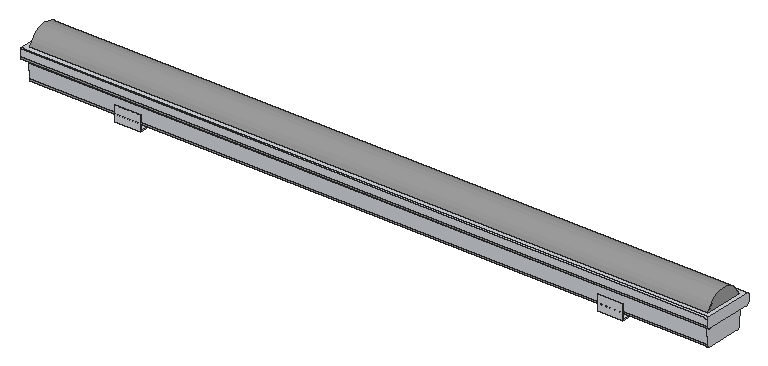
Revit family "0010235", category Lighting Fixtures, host Face, Revit 2017
Family settings
  Host = Face
  Round Connector Dimension = Use Diameter
  Part Type = Normal
  OmniClass Number = 23.80.70.00
  OmniClass Title = Lighting
  Cut with Voids When Loaded = No
  Light Source = Yes
  Shared = No
  Room Calculation Point = No
Parameters (values of type "0010235 RESISTO 1200 HE IP66 4800LM 840 EM")
  Weight = "2.12 kg"
  Wattage Comments = ""
  Wattage = 35 W
  WarrantyStartDate [instance] = "n/a"
  WarrantyGuarantorParts = "n/a"
  WarrantyDurationUnit = "n/a"
  WarrantyDurationParts = "n/a"
  WarrantyDescription = "n/a"
  WIDTH_SYL = 44.5 mm
  built-in parameter 1150110 = 1 (stored number, unit not read)
  Voltage = 0 V
  URL = "http://www.sylvania-lighting.com"
  TypeName = "Resisto  1200 HE IP66 4800lm 840 EM"
  Type Image = <None>
  Type Comments = "n/a"
  built-in parameter 1114217 = 1 (stored number, unit not read)
  Tilt Angle = -90.00°
  built-in parameter 1150109 = 1 (stored number, unit not read)
  built-in parameter 1150134 = 12
  TOP_WIDTH_SYL = 33.5 mm
  built-in parameter 1150113 = 1 (stored number, unit not read)
  SerialNumber [instance] = "n/a"
  Photometric Web File = "0010235.ies"
  Material_3_SYL = none
  PowerFactor = 0.95
  PowerConsumption = "35 W"
  NominalLength = 1200 mm
  NominalHeight = 80 mm
  NominalDepth = 87 mm
  Name = "Resisto  1200 HE IP66 4800lm 840 EM"
  ModelReference = Name  # "Resisto  1200 HE IP66 4800lm 840 EM"
  ModelNumber = "0010235"
  Model = Name  # "Resisto  1200 HE IP66 4800lm 840 EM"
  Material = "pc polycarbonate housing, pc polycarbonate diffuser"
  ManufacturerName = "Feilo Sylvania"
  Manufacturer = "Feilo Sylvania"
  MID_WIDTH_SYL = 36 mm
  LuminousEfficacy = "137 lm/W"
  built-in parameter 1150105 = 1583.6 (stored number, unit not read)
  Lumens = 4795 lm
  LuminaireType = ""
  built-in parameter 1150115 = 1 (stored number, unit not read)
  LightOutputRatio = "n/a"
  built-in parameter 1150137 = (empty or 0)
  built-in parameter 1150139 = (empty or 0)
  LampsType = Lamp  # "LED"
  LampNominalLuminous = "4800 lm"
  LampMacAdamStep = "3"
  LampColourTemperature = "4000 K"
  LampColourRenderingIndex = "80"
  built-in parameter 1150112 = 1 (stored number, unit not read)
  built-in parameter 1150114 = 1 (stored number, unit not read)
  Lamp = "LED"
  LENGHT_SYL = if(L1500_SYL, 742 mm, if(L1200_SYL, 592 mm, 317 mm))  # 592 mm
  LENGHT_CHAMFER_SYL = if(L1500_SYL, 750 mm, if(L1200_SYL, 600 mm, 325 mm))  # 600 mm
  LENGHT_650_SYL = 325 mm
  LENGHT-_SYL = if(L1500_SYL, -742 mm, if(L1200_SYL, -592 mm, -317 mm))  # -592 mm
  LENGHT-_CHAMFER_SYL = if(L1500_SYL, -750 mm, if(L1200_SYL, -600 mm, -325 mm))  # -600 mm
  LEGHT_650-_SYL = -325 mm
  LEGHT_1500_SYL = 750 mm
  LEGHT_1500-_SYL = -750 mm
  LEGHT_1200_SYL = 600 mm
  LEGHT_1200-_SYL = -600 mm
  L0650_SYL = no
  L1500_SYL = no
  L1200_SYL = yes
  Keynote = "16500"
  InstallationDate [instance] = "n/a"
  InputVoltage = "n/a"
  InputNominalFrequency = "n/a"
  built-in parameter 1150132 = (empty or 0)
  built-in parameter 1150102 = (empty or 0)
  built-in parameter 1150107 = 4000 (stored number, unit not read)
  built-in parameter 1150138 = (empty or 0)
  IngressProtection = "IP66"
  ImpactProtectionIndex = "IK08"
  built-in parameter 1150106 = 15.836 (stored number, unit not read)
  IfcExportType = "IfcLightFixtureType"
  IfcExportAs = "IfcLightFixtureType"
  Emit from Circle Diameter = 609.6 mm
  Emit Shape Visible in Rendering = no
  ElectricShockClassification = "Class I"
  built-in parameter 1150104 = 12.728 (stored number, unit not read)
  DocumentationLiterature = "http://www.sylvania-lighting.com/product/en-int/products/0010235"
  DimmingControlOptions = "n/a"
  Material_2_SYL = none
  Dimming Lamp Color Temperature Shift = <None>
  Description = "Resisto, integrated LED weatherproof luminaire, with UV stabilized flat diffuser designed to achieve uniform lit appearance, optimise light output and to reduce glare. 301 stainless steel diffuser clips and fixing brackets for surface mounting. Polycarbonate housing and diffuser - no yellow discolouration over time. 4800lm; 35W; 137lm/W; 4000K; SDCM<3; non dimmable; CRI80; IP66; IK08; Class I; 69,000hrs (L80B20) lifespan; 1200mm x 89mm x 88mm; D-mark; 3-hour maintained emergency batteries."
  Default Elevation = 1219.2 mm
  DIF_WIDHT_SYL = 35 mm
  DIF_HEIGHT_SYL = 24 mm
  CreatedOn = "3/10/2021"
  CreatedBy = "@sylvania-lighting.com"
  Cost = 0
  Color Filter = 16777215
  built-in parameter 1114216 [instance] = (empty or 0)
  ClassificationValue = "EF_70_80"
  ClassificationName = "Uniclass2015"
  Material_1_SYL = Default
  CHAMFER_SYL = 19 mm
  BarCode [instance] = "n/a"
  built-in parameter 1114218 = 1 (stored number, unit not read)
  BRACKET_WIDTH_SYL = BRACKET_DIST_SYL - 44 mm  # 400 mm
  BRACKET_HEIGHT_SYL = 9 mm
  BRACKET_DIST_SYL = LENGHT_CHAMFER_SYL - 156 mm  # 444 mm
  BODY_SYL = 36 mm
  built-in parameter 1150133 = 10 (stored number, unit not read)
  AssetType = "Fixed"
  AssetIdentifier [instance] = "n/a"
  Assembly Code = "D5020200"
  Apparent Load = 35 VA
  Material_4_SYL = none
Reference planes
  plane 1 "Center (Front/Back)": y = 0
  plane 2: z = 0
  plane 3 "Center (Left/Right)": x = 0
  plane 4: z = 9
  plane 5: z = 45
  plane 6: z = 64
  plane 7: z = 88
  plane 8: y = -44.5
  plane 9: y = 44.5
  plane 10: y = -35
  plane 11: y = 35
  plane 12: y = 33.5
  plane 13: y = -33.5
  plane 14: y = -36
  plane 15: y = 36
  plane 16: z = 1
Forms (mm)
  Extrusion 1, solid
    sketch origin (319, 1524, 1219.2) x (0, 1, 0) y (0, 0, 1)
      loop
        line (-1552.835, -1210.2) -> (-1495.165, -1210.2)
        arc (-1495.165, -1210.2) -> (-1491.754, -1208.856) -> (-1490.177, -1205.546) r 5
        line (-1490.177, -1205.546) -> (-1488.323, -1178.854) -> (-1488, -1174.2) -> (-1560, -1174.2) -> (-1559.677, -1178.854) -> (-1557.823, -1205.546)
        arc (-1557.823, -1205.546) -> (-1556.246, -1208.856) -> (-1552.835, -1210.2) r 5
    from -592 <- "LENGHT-_SYL" to 592 <- "LENGHT_SYL"
  Extrusion 2, solid, material "Default" <- "Material_1_SYL"
    sketch origin (319, 1524, 1219.2) x (0, 1, 0) y (0, 0, 1)
      loop
        arc (-1490.5, -1155.2) -> (-1524, -1131.2) -> (-1557.5, -1155.2) r 35.38
        line (-1557.5, -1155.2) -> (-1490.5, -1155.2)
    from -592 <- "LENGHT-_SYL" to 592 <- "LENGHT_SYL"
  Extrusion 3, solid
    sketch origin (319, 1524, 1219.2) x (0, 1, 0) y (0, 0, 1)
      loop
        line (-1481.5, -1155.2) -> (-1566.5, -1155.2)
        arc (-1566.5, -1155.2) -> (-1567.914, -1155.786) -> (-1568.5, -1157.2) r 2
        line (-1568.5, -1157.2) -> (-1568.5, -1169.2)
        arc (-1568.5, -1169.2) -> (-1567.036, -1172.736) -> (-1563.5, -1174.2) r 5
        line (-1563.5, -1174.2) -> (-1484.5, -1174.2)
        arc (-1484.5, -1174.2) -> (-1480.964, -1172.736) -> (-1479.5, -1169.2) r 5
        line (-1479.5, -1169.2) -> (-1479.5, -1157.2)
        arc (-1479.5, -1157.2) -> (-1480.086, -1155.786) -> (-1481.5, -1155.2) r 2
    from -600 <- "LENGHT-_CHAMFER_SYL" to 600 <- "LENGHT_CHAMFER_SYL"
  Extrusion 4, solid
    sketch origin (319, 1524, 1219.2) x (0, 1, 0) y (0, 0, 1)
      loop
        line (-1489, -1219.2) -> (-1489, -1192.216) -> (-1490.5, -1192.216) -> (-1490.5, -1218.2) -> (-1557.5, -1218.2) -> (-1557.5, -1192.172) -> (-1559, -1192.172) -> (-1559, -1219.2) -> (-1489, -1219.2)
    from 400 <- "BRACKET_WIDTH_SYL" to 444 <- "BRACKET_DIST_SYL"
  Extrusion 5, solid
    sketch origin (321, 1524, 1219.2) x (0, 1, 0) y (0, 0, -1)
      loop
        line (-1489, 1219.2) -> (-1559, 1219.2) -> (-1559, 1192.172) -> (-1557.5, 1192.172) -> (-1557.5, 1218.2) -> (-1490.5, 1218.2) -> (-1490.5, 1192.216) -> (-1489, 1192.216) -> (-1489, 1219.2)
    from 400 <- "BRACKET_WIDTH_SYL" to 444 <- "BRACKET_DIST_SYL"
Dimensions and locks
  "BRACKET_HEIGHT_SYL": plane 4 to host face
  "BODY_SYL": plane 4 to plane 5
  "CHAMFER_SYL": plane 5 to plane 6
  "DIF_HEIGHT_SYL": plane 6 to plane 7
  "WIDTH_SYL": plane 9 to plane 1 "Center (Front/Back)" to plane 8
  "DIF_WIDHT_SYL": plane 11 to plane 1 "Center (Front/Back)" to plane 10
  "TOP_WIDTH_SYL": plane 12 to plane 1 "Center (Front/Back)" to plane 13
  "MID_WIDTH_SYL": plane 15 to plane 1 "Center (Front/Back)" to plane 14
  aligned and locked: plane 2 to host face
  aligned and locked: level to host face
  aligned and locked: Extrusion 3 sketch curve to plane 6
  aligned and locked: Extrusion 3 sketch curve to plane 9
  aligned and locked: plane 5 to Extrusion 3 sketch curve
  aligned and locked: plane 8 to Extrusion 3 sketch curve
Automatic sketch dimensions
  host sketch curve to host sketch curve = 2438.4 mm  (x2)
  plane 5 to Extrusion 1 sketch curve = 0 mm
  Extrusion 1 sketch curve to plane 14 = 0 mm
  plane 4 to Extrusion 1 sketch curve = 0 mm
  Extrusion 1 sketch curve to plane 15 = 0 mm
  Extrusion 1 sketch curve to plane 14 = 0.323 mm
  plane 13 to Extrusion 1 sketch curve = 0.323 mm
  Extrusion 1 sketch curve to plane 13 = 4.665 mm
  plane 12 to Extrusion 1 sketch curve = 4.665 mm
  Extrusion 1 sketch curve to plane 12 = 0.323 mm
  plane 15 to Extrusion 1 sketch curve = 0.323 mm
  Extrusion 1 sketch curve to plane 4 = 4.654 mm  (x2)
  plane 5 to Extrusion 1 sketch curve = 4.654 mm  (x2)
  plane 6 to Extrusion 2 sketch curve = 0 mm
  Extrusion 2 sketch curve to plane 13 = 0 mm
  Extrusion 2 sketch curve to plane 1 "Center (Front/Back)" = 0 mm
  Extrusion 2 sketch curve to plane 5 = 7.62 mm
  Extrusion 3 sketch curve to plane 8 = 2 mm
  plane 14 to Extrusion 3 sketch curve = 3.5 mm
  Extrusion 3 sketch curve to plane 15 = 3.5 mm
  plane 6 to Extrusion 3 sketch curve = 2 mm
  Extrusion 4 sketch curve to level = 0 mm
  Extrusion 4 sketch curve to plane 10 = 0 mm
  Extrusion 4 sketch curve to plane 13 = 0 mm
  Extrusion 4 sketch curve to plane 12 = 0 mm
  Extrusion 4 sketch curve to plane 11 = 0 mm
  plane 16 to Extrusion 4 sketch curve = 0 mm
  Extrusion 4 sketch curve to plane 4 = 17.984 mm
  plane 5 to Extrusion 4 sketch curve = 17.972 mm
  Extrusion 5 sketch curve to level = 0 mm
  Extrusion 5 sketch curve to plane 10 = 0 mm
  Extrusion 5 sketch curve to plane 13 = 0 mm
  Extrusion 5 sketch curve to plane 12 = 0 mm
  Extrusion 5 sketch curve to plane 11 = 0 mm
  plane 16 to Extrusion 5 sketch curve = 0 mm
  Extrusion 5 sketch curve to plane 4 = 17.984 mm
  plane 5 to Extrusion 5 sketch curve = 17.972 mm
Connectors
  electrical at (-273, 0, 27)
    settings: on Extrusion 1, index 1, voltage 0 V, apparent load 0 VA, apparent load phase1 0 VA, apparent load phase2 0 VA, apparent load phase3 0 VA, power factor 1, load classification "Other", number of poles 1, system type 31, power factor state 1, is connector primary yes, connector utility no, sub classification motor no, connector description ""
Types (60, lengths in mm): name | Weight | Wattage | TypeName | built-in parameter 1150134 | Photometric Web File | PowerFactor | PowerConsumption | NominalLength | Name | ModelReference | ModelNumber | Model | LuminousEfficacy | built-in parameter 1150105 | Lumens | LampNominalLuminous | LampMacAdamStep | LampColourTemperature | LENGHT_SYL | LENGHT_CHAMFER_SYL | LENGHT-_SYL | LENGHT-_CHAMFER_SYL | L0650_SYL | L1500_SYL | L1200_SYL | built-in parameter 1150107 | built-in parameter 1150106 | built-in parameter 1150104 | DocumentationLiterature | Description | BRACKET_WIDTH_SYL | BRACKET_DIST_SYL | Apparent Load
  0010278 RESISTO 1500 HE IP66 8300LM 840 | "1.95 kg" | 54 W | "Resisto 1500 HE IP66 8300lm 840" | 12 | "0010278.ies" | 0.95 | "54 W" | 1500 | "Resisto 1500 HE IP66 8300lm 840" | "Resisto 1500 HE IP66 8300lm 840" | "0010278" | "Resisto 1500 HE IP66 8300lm 840" | "154 lm/W" | 2674.3 (stored number, unit not read) | 8316 lm | "8300 lm" | "3" | "4000 K" | 742 | 750 | -742 | -750 | no | yes | no | 4000 (stored number, unit not read) | 26.743 (stored number, unit not read) | 14.307 (stored number, unit not read) | "http://www.sylvania-lighting.com/product/en-int/products/0010278" | "Resisto, integrated LED weatherproof luminaire, with UV stabilized flat diffuser designed to achieve uniform lit appearance, optimise light output and to reduce glare. 301 stainless steel diffuser clips and fixing brackets for surface mounting. Polycarbonate housing and diffuser - no yellow discolouration over time. 8300lm; 54W; 154lm/W; 4000K; SDCM<3; non dimmable; CRI80; IP66; IK08; Class I; 69,000hrs (L80B20) lifespan; 1500mm x 89mm x 88mm; D-mark." | 550 | 594 | 54 VA
  0010274 RESISTO 1500 HE IP66 DALI 7100LM 840 | "2.01 kg" | 46 W | "Resisto 1500 HE IP66 DALI 7100lm 840" | 12 | "0010274.ies" | 0.98 | "46 W" | 1500 | "Resisto 1500 HE IP66 DALI 7100lm 840" | "Resisto 1500 HE IP66 DALI 7100lm 840" | "0010274" | "Resisto 1500 HE IP66 DALI 7100lm 840" | "154 lm/W" | 2362.2 (stored number, unit not read) | 7084 lm | "7100 lm" | "3" | "4000 K" | 742 | 750 | -742 | -750 | no | yes | no | 4000 (stored number, unit not read) | 23.622 (stored number, unit not read) | 14.307 (stored number, unit not read) | "http://www.sylvania-lighting.com/product/en-int/products/0010274" | "Resisto, integrated LED weatherproof luminaire, with UV stabilized flat diffuser designed to achieve uniform lit appearance, optimise light output and to reduce glare. 301 stainless steel diffuser clips and fixing brackets for surface mounting. Polycarbonate housing and diffuser - no yellow discolouration over time. 7100lm; 46W; 154lm/W; 4000K; SDCM<3; DALI dimmable; CRI80; IP66; IK08; Class I; 69,000hrs (L80B20) lifespan; 1500mm x 89mm x 88mm; D-mark." | 550 | 594 | 46 VA
  0010273 RESISTO 1500 HE IP66 DALI 4000LM 840 | "1.95 kg" | 25 W | "Resisto 1500 HE IP66 DALI 4000lm 840" | 12 | "0010273.ies" | 0.98 | "25 W" | 1500 | "Resisto 1500 HE IP66 DALI 4000lm 840" | "Resisto 1500 HE IP66 DALI 4000lm 840" | "0010273" | "Resisto 1500 HE IP66 DALI 4000lm 840" | "160 lm/W" | 1286.3 (stored number, unit not read) | 4000 lm | "4000 lm" | "3" | "4000 K" | 742 | 750 | -742 | -750 | no | yes | no | 4000 (stored number, unit not read) | 12.863 (stored number, unit not read) | 14.864 (stored number, unit not read) | "http://www.sylvania-lighting.com/product/en-int/products/0010273" | "Resisto, integrated LED weatherproof luminaire, with UV stabilized flat diffuser designed to achieve uniform lit appearance, optimise light output and to reduce glare. 301 stainless steel diffuser clips and fixing brackets for surface mounting. Polycarbonate housing and diffuser - no yellow discolouration over time. 4000lm; 25W; 160lm/W; 4000K; SDCM<3; DALI dimmable; CRI80; IP66; IK08; Class I; 69,000hrs (L80B20) lifespan; 1500mm x 89mm x 88mm; D-mark." | 550 | 594 | 25 VA
  0010272 RESISTO 1500 HE IP66 7100LM 840 EM | "2.58 kg" | 50 W | "Resisto 1500 HE IP66 7100lm 840 EM" | 12 | "0010272.ies" | 0.95 | "50 W" | 1500 | "Resisto 1500 HE IP66 7100lm 840 EM" | "Resisto 1500 HE IP66 7100lm 840 EM" | "0010272" | "Resisto 1500 HE IP66 7100lm 840 EM" | "142 lm/W" | 2367.5 (stored number, unit not read) | 7100 lm | "7100 lm" | "3" | "4000 K" | 742 | 750 | -742 | -750 | no | yes | no | 4000 (stored number, unit not read) | 23.675 (stored number, unit not read) | 13.192 (stored number, unit not read) | "http://www.sylvania-lighting.com/product/en-int/products/0010272" | "Resisto, integrated LED weatherproof luminaire, with UV stabilized flat diffuser designed to achieve uniform lit appearance, optimise light output and to reduce glare. 301 stainless steel diffuser clips and fixing brackets for surface mounting. Polycarbonate housing and diffuser - no yellow discolouration over time. 7100lm; 50W; 142lm/W; 4000K; SDCM<3; non dimmable; CRI80; IP66; IK08; Class I; 69,000hrs (L80B20) lifespan; 1500mm x 89mm x 88mm; D-mark; 3-hour maintained emergency batteries." | 550 | 594 | 50 VA
  0010271 RESISTO 1500 HE IP66 4000LM 840 EM | "2.51 kg" | 29 W | "Resisto 1500 HE IP66 4000lm 840 EM" | 12 | "0010271.ies" | 0.95 | "29 W" | 1500 | "Resisto 1500 HE IP66 4000lm 840 EM" | "Resisto 1500 HE IP66 4000lm 840 EM" | "0010271" | "Resisto 1500 HE IP66 4000lm 840 EM" | "138 lm/W" | 1287 (stored number, unit not read) | 4002 lm | "4000 lm" | "3" | "4000 K" | 742 | 750 | -742 | -750 | no | yes | no | 4000 (stored number, unit not read) | 12.87 (stored number, unit not read) | 12.821 (stored number, unit not read) | "http://www.sylvania-lighting.com/product/en-int/products/0010271" | "Resisto, integrated LED weatherproof luminaire, with UV stabilized flat diffuser designed to achieve uniform lit appearance, optimise light output and to reduce glare. 301 stainless steel diffuser clips and fixing brackets for surface mounting. Polycarbonate housing and diffuser - no yellow discolouration over time. 4000lm; 29W; 138lm/W; 4000K; SDCM<3; non dimmable; CRI80; IP66; IK08; Class I; 69,000hrs (L80B20) lifespan; 1500mm x 89mm x 88mm; D-mark; 3-hour maintained emergency batteries." | 550 | 594 | 29 VA
  0010269 RESISTO 1500 HE IP66 7100LM 840 | "1.95 kg" | 46 W | "Resisto  1500 HE IP66 7100lm 840" | 12 | "0010269.ies" | 0.95 | "46 W" | 1500 | "Resisto  1500 HE IP66 7100lm 840" | "Resisto  1500 HE IP66 7100lm 840" | "0010269" | "Resisto  1500 HE IP66 7100lm 840" | "154 lm/W" | 2362.2 (stored number, unit not read) | 7084 lm | "7100 lm" | "3" | "4000 K" | 742 | 750 | -742 | -750 | no | yes | no | 4000 (stored number, unit not read) | 23.622 (stored number, unit not read) | 14.307 (stored number, unit not read) | "http://www.sylvania-lighting.com/product/en-int/products/0010269" | "Resisto, integrated LED weatherproof luminaire, with UV stabilized flat diffuser designed to achieve uniform lit appearance, optimise light output and to reduce glare. 301 stainless steel diffuser clips and fixing brackets for surface mounting. Polycarbonate housing and diffuser - no yellow discolouration over time. 7100lm; 46W; 154lm/W; 4000K; SDCM<3; non dimmable; CRI80; IP66; IK08; Class I; 69,000hrs (L80B20) lifespan; 1500mm x 89mm x 88mm; D-mark." | 550 | 594 | 46 VA
  0010268 RESISTO 1500 HE IP66 4000LM 840 | "1.87 kg" | 25 W | "Resisto  1500 HE IP66 4000lm 840" | 12 | "0010268.ies" | 0.95 | "25 W" | 1500 | "Resisto  1500 HE IP66 4000lm 840" | "Resisto  1500 HE IP66 4000lm 840" | "0010268" | "Resisto  1500 HE IP66 4000lm 840" | "160 lm/W" | 1286.3 (stored number, unit not read) | 4000 lm | "4000 lm" | "3" | "4000 K" | 742 | 750 | -742 | -750 | no | yes | no | 4000 (stored number, unit not read) | 12.863 (stored number, unit not read) | 14.864 (stored number, unit not read) | "http://www.sylvania-lighting.com/product/en-int/products/0010268" | "Resisto, integrated LED weatherproof luminaire, with UV stabilized flat diffuser designed to achieve uniform lit appearance, optimise light output and to reduce glare. 301 stainless steel diffuser clips and fixing brackets for surface mounting. Polycarbonate housing and diffuser - no yellow discolouration over time. 4000lm; 25W; 160lm/W; 4000K; SDCM<3; non dimmable; CRI80; IP66; IK08; Class I; 69,000hrs (L80B20) lifespan; 1500mm x 89mm x 88mm; D-mark." | 550 | 594 | 25 VA
  0010261 RESISTO 1500 IP66 DALI 8300LM 840 | "2.01 kg" | 61 W | "Resisto  1500 IP66 DALI 8300lm 840" | 12 | "0010261.ies" | 0.99 | "61 W" | 1500 | "Resisto  1500 IP66 DALI 8300lm 840" | "Resisto  1500 IP66 DALI 8300lm 840" | "0010261" | "Resisto  1500 IP66 DALI 8300lm 840" | "136 lm/W" | 2792.8 (stored number, unit not read) | 8296 lm | "8300 lm" | "5" | "4000 K" | 742 | 750 | -742 | -750 | no | yes | no | 4000 (stored number, unit not read) | 27.928 (stored number, unit not read) | 12.635 (stored number, unit not read) | "http://www.sylvania-lighting.com/product/en-int/products/0010261" | "Resisto, integrated LED weatherproof luminaire, with UV stabilized flat diffuser designed to achieve uniform lit appearance, optimise light output and to reduce glare. 301 stainless steel diffuser clips and fixing brackets for surface mounting. Polycarbonate housing and diffuser - no yellow discolouration over time. 8300lm; 61W; 136lm/W; 4000K; SDCM<5; DALI dimmable; CRI80; IP66; IK08; Class I; 69,000hrs (L80B20) lifespan; 1500mm x 89mm x 88mm; D-mark." | 550 | 594 | 61 VA
  0010260 RESISTO 1500 IP66 DALI 7100LM 840 | "2.01 kg" | 52 W | "Resisto  1500 IP66 DALI 7100lm 840" | 12 | "0010260.ies" | 0.99 | "52 W" | 1500 | "Resisto  1500 IP66 DALI 7100lm 840" | "Resisto  1500 IP66 DALI 7100lm 840" | "0010260" | "Resisto  1500 IP66 DALI 7100lm 840" | "137 lm/W" | 2375.5 (stored number, unit not read) | 7124 lm | "7100 lm" | "5" | "4000 K" | 742 | 750 | -742 | -750 | no | yes | no | 4000 (stored number, unit not read) | 23.755 (stored number, unit not read) | 12.728 (stored number, unit not read) | "http://www.sylvania-lighting.com/product/en-int/products/0010260" | "Resisto, integrated LED weatherproof luminaire, with UV stabilized flat diffuser designed to achieve uniform lit appearance, optimise light output and to reduce glare. 301 stainless steel diffuser clips and fixing brackets for surface mounting. Polycarbonate housing and diffuser - no yellow discolouration over time. 7100lm; 52W; 137lm/W; 4000K; SDCM<5; DALI dimmable; CRI80; IP66; IK08; Class I; 69,000hrs (L80B20) lifespan; 1500mm x 89mm x 88mm; D-mark." | 550 | 594 | 52 VA
  0010259 RESISTO 1500 IP66 DALI 4000LM 840 | "1.95 kg" | 30 W | "Resisto  1500 IP66 DALI 4000lm 840" | 12 | "0010259.ies" | 0.98 | "30 W" | 1500 | "Resisto  1500 IP66 DALI 4000lm 840" | "Resisto  1500 IP66 DALI 4000lm 840" | "0010259" | "Resisto  1500 IP66 DALI 4000lm 840" | "133 lm/W" | 1283.1 (stored number, unit not read) | 3990 lm | "4000 lm" | "5" | "4000 K" | 742 | 750 | -742 | -750 | no | yes | no | 4000 (stored number, unit not read) | 12.831 (stored number, unit not read) | 12.356 (stored number, unit not read) | "http://www.sylvania-lighting.com/product/en-int/products/0010259" | "Resisto, integrated LED weatherproof luminaire, with UV stabilized flat diffuser designed to achieve uniform lit appearance, optimise light output and to reduce glare. 301 stainless steel diffuser clips and fixing brackets for surface mounting. Polycarbonate housing and diffuser - no yellow discolouration over time. 4000lm; 30W; 133lm/W; 4000K; SDCM<5; DALI dimmable; CRI80; IP66; IK08; Class I; 69,000hrs (L80B20) lifespan; 1500mm x 89mm x 88mm; D-mark." | 550 | 594 | 30 VA
  0010258 RESISTO 1500 IP66 MWCOR 7100LM 840 | "2.06 kg" | 52 W | "Resisto  1500 IP66 MWcor 7100lm 840" | 12 | "0010258.ies" | 0.99 | "52 W" | 1500 | "Resisto  1500 IP66 MWcor 7100lm 840" | "Resisto  1500 IP66 MWcor 7100lm 840" | "0010258" | "Resisto  1500 IP66 MWcor 7100lm 840" | "137 lm/W" | 2375.5 (stored number, unit not read) | 7124 lm | "7100 lm" | "5" | "4000 K" | 742 | 750 | -742 | -750 | no | yes | no | 4000 (stored number, unit not read) | 23.755 (stored number, unit not read) | 12.728 (stored number, unit not read) | "http://www.sylvania-lighting.com/product/en-int/products/0010258" | "Resisto, integrated LED weatherproof luminaire, with UV stabilized flat diffuser designed to achieve uniform lit appearance, optimise light output and to reduce glare. 301 stainless steel diffuser clips and fixing brackets for surface mounting. Polycarbonate housing and diffuser - no yellow discolouration over time. 7100lm; 52W; 137lm/W; 4000K; SDCM<5; non dimmable; CRI80; IP66; IK08; Class I; 69,000hrs (L80B20) lifespan; 1500mm x 89mm x 88mm; D-mark; corridor function with microwave presence sensor." | 550 | 594 | 52 VA
  0010257 RESISTO 1500 IP66 MWCOR 4000LM 840 | "2.0 kg" | 30 W | "Resisto  1500 IP66 MWcor 4000lm 840" | 12 | "0010257.ies" | 0.98 | "30 W" | 1500 | "Resisto  1500 IP66 MWcor 4000lm 840" | "Resisto  1500 IP66 MWcor 4000lm 840" | "0010257" | "Resisto  1500 IP66 MWcor 4000lm 840" | "133 lm/W" | 1283.1 (stored number, unit not read) | 3990 lm | "4000 lm" | "5" | "4000 K" | 742 | 750 | -742 | -750 | no | yes | no | 4000 (stored number, unit not read) | 12.831 (stored number, unit not read) | 12.356 (stored number, unit not read) | "http://www.sylvania-lighting.com/product/en-int/products/0010257" | "Resisto, integrated LED weatherproof luminaire, with UV stabilized flat diffuser designed to achieve uniform lit appearance, optimise light output and to reduce glare. 301 stainless steel diffuser clips and fixing brackets for surface mounting. Polycarbonate housing and diffuser - no yellow discolouration over time. 4000lm; 30W; 133lm/W; 4000K; SDCM<5; non dimmable; CRI80; IP66; IK08; Class I; 69,000hrs (L80B20) lifespan; 1500mm x 89mm x 88mm; D-mark; corridor function with microwave presence sensor." | 550 | 594 | 30 VA
  0010256 RESISTO 1500 IP66 MW 7100LM 840 | "2.0 kg" | 52 W | "Resisto  1500 IP66 MW 7100lm 840" | 12 | "0010256.ies" | 0.95 | "52 W" | 1500 | "Resisto  1500 IP66 MW 7100lm 840" | "Resisto  1500 IP66 MW 7100lm 840" | "0010256" | "Resisto  1500 IP66 MW 7100lm 840" | "137 lm/W" | 2375.5 (stored number, unit not read) | 7124 lm | "7100 lm" | "5" | "4000 K" | 742 | 750 | -742 | -750 | no | yes | no | 4000 (stored number, unit not read) | 23.755 (stored number, unit not read) | 12.728 (stored number, unit not read) | "http://www.sylvania-lighting.com/product/en-int/products/0010256" | "Resisto, integrated LED weatherproof luminaire, with UV stabilized flat diffuser designed to achieve uniform lit appearance, optimise light output and to reduce glare. 301 stainless steel diffuser clips and fixing brackets for surface mounting. Polycarbonate housing and diffuser - no yellow discolouration over time. 7100lm; 52W; 137lm/W; 4000K; SDCM<5; non dimmable; CRI80; IP66; IK08; Class I; 69,000hrs (L80B20) lifespan; 1500mm x 89mm x 88mm; D-mark; MW On/Off." | 550 | 594 | 52 VA
  0010255 RESISTO 1500 IP66 MW 4000LM 840 | "1.92 kg" | 30 W | "Resisto  1500 IP66 MW 4000lm 840" | 12 | "0010255.ies" | 0.95 | "30 W" | 1500 | "Resisto  1500 IP66 MW 4000lm 840" | "Resisto  1500 IP66 MW 4000lm 840" | "0010255" | "Resisto  1500 IP66 MW 4000lm 840" | "133 lm/W" | 1283.1 (stored number, unit not read) | 3990 lm | "4000 lm" | "5" | "4000 K" | 742 | 750 | -742 | -750 | no | yes | no | 4000 (stored number, unit not read) | 12.831 (stored number, unit not read) | 12.356 (stored number, unit not read) | "http://www.sylvania-lighting.com/product/en-int/products/0010255" | "Resisto, integrated LED weatherproof luminaire, with UV stabilized flat diffuser designed to achieve uniform lit appearance, optimise light output and to reduce glare. 301 stainless steel diffuser clips and fixing brackets for surface mounting. Polycarbonate housing and diffuser - no yellow discolouration over time. 4000lm; 30W; 133lm/W; 4000K; SDCM<5; non dimmable; CRI80; IP66; IK08; Class I; 69,000hrs (L80B20) lifespan; 1500mm x 89mm x 88mm; D-mark; MW On/Off." | 550 | 594 | 30 VA
  0010254 RESISTO 1500 IP66 7100LM 840 EM | "2.59 kg" | 56 W | "Resisto  1500 IP66 7100lm 840 EM" | 12 | "0010254.ies" | 0.95 | "56 W" | 1500 | "Resisto  1500 IP66 7100lm 840 EM" | "Resisto  1500 IP66 7100lm 840 EM" | "0010254" | "Resisto  1500 IP66 7100lm 840 EM" | "127 lm/W" | 2371.5 (stored number, unit not read) | 7112 lm | "7100 lm" | "5" | "4000 K" | 742 | 750 | -742 | -750 | no | yes | no | 4000 (stored number, unit not read) | 23.715 (stored number, unit not read) | 11.799 (stored number, unit not read) | "http://www.sylvania-lighting.com/product/en-int/products/0010254" | "Resisto, integrated LED weatherproof luminaire, with UV stabilized flat diffuser designed to achieve uniform lit appearance, optimise light output and to reduce glare. 301 stainless steel diffuser clips and fixing brackets for surface mounting. Polycarbonate housing and diffuser - no yellow discolouration over time. 7100lm; 56W; 127lm/W; 4000K; SDCM<5; non dimmable; CRI80; IP66; IK08; Class I; 69,000hrs (L80B20) lifespan; 1500mm x 89mm x 88mm; D-mark; 3-hour maintained emergency batteries." | 550 | 594 | 56 VA
  0010253 RESISTO 1500 IP66 4000LM 840 EM | "2.5 kg" | 34 W | "Resisto  1500 IP66 4000lm 840 EM" | 12 | "0010253.ies" | 0.95 | "34 W" | 1500 | "Resisto  1500 IP66 4000lm 840 EM" | "Resisto  1500 IP66 4000lm 840 EM" | "0010253" | "Resisto  1500 IP66 4000lm 840 EM" | "118 lm/W" | 1290.2 (stored number, unit not read) | 4012 lm | "4000 lm" | "5" | "4000 K" | 742 | 750 | -742 | -750 | no | yes | no | 4000 (stored number, unit not read) | 12.902 (stored number, unit not read) | 10.963 (stored number, unit not read) | "http://www.sylvania-lighting.com/product/en-int/products/0010253" | "Resisto, integrated LED weatherproof luminaire, with UV stabilized flat diffuser designed to achieve uniform lit appearance, optimise light output and to reduce glare. 301 stainless steel diffuser clips and fixing brackets for surface mounting. Polycarbonate housing and diffuser - no yellow discolouration over time. 4000lm; 34W; 118lm/W; 4000K; SDCM<5; non dimmable; CRI80; IP66; IK08; Class I; 69,000hrs (L80B20) lifespan; 1500mm x 89mm x 88mm; D-mark; 3-hour maintained emergency batteries." | 550 | 594 | 34 VA
  0010252 RESISTO 1500 IP66 7100LM 840 5XTH | "2.18 kg" | 52 W | "Resisto 1500 IP66 7100lm 840 5xTH" | 12 | "0010252.ies" | 0.95 | "52 W" | 1500 | "Resisto 1500 IP66 7100lm 840 5xTH" | "Resisto 1500 IP66 7100lm 840 5xTH" | "0010252" | "Resisto 1500 IP66 7100lm 840 5xTH" | "137 lm/W" | 2375.5 (stored number, unit not read) | 7124 lm | "7100 lm" | "5" | "4000 K" | 742 | 750 | -742 | -750 | no | yes | no | 4000 (stored number, unit not read) | 23.755 (stored number, unit not read) | 12.728 (stored number, unit not read) | "http://www.sylvania-lighting.com/product/en-int/products/0010252" | "Resisto, integrated LED weatherproof luminaire, with UV stabilized flat diffuser designed to achieve uniform lit appearance, optimise light output and to reduce glare. 301 stainless steel diffuser clips and fixing brackets for surface mounting. Polycarbonate housing and diffuser - no yellow discolouration over time. 7100lm; 52W; 137lm/W; 4000K; SDCM<5; non dimmable; CRI80; IP66; IK08; Class I; 69,000hrs (L80B20) lifespan; 1500mm x 89mm x 88mm; D-mark; through wiring." | 550 | 594 | 52 VA
  0010251 RESISTO 1500 IP66 4000LM 840 5XTH | "2.1 kg" | 30 W | "Resisto 1500 IP66 4000lm 840 5xTH" | 12 | "0010251.ies" | 0.95 | "30 W" | 1500 | "Resisto 1500 IP66 4000lm 840 5xTH" | "Resisto 1500 IP66 4000lm 840 5xTH" | "0010251" | "Resisto 1500 IP66 4000lm 840 5xTH" | "133 lm/W" | 1283.1 (stored number, unit not read) | 3990 lm | "4000 lm" | "5" | "4000 K" | 742 | 750 | -742 | -750 | no | yes | no | 4000 (stored number, unit not read) | 12.831 (stored number, unit not read) | 12.356 (stored number, unit not read) | "http://www.sylvania-lighting.com/product/en-int/products/0010251" | "Resisto, integrated LED weatherproof luminaire, with UV stabilized flat diffuser designed to achieve uniform lit appearance, optimise light output and to reduce glare. 301 stainless steel diffuser clips and fixing brackets for surface mounting. Polycarbonate housing and diffuser - no yellow discolouration over time. 4000lm; 30W; 133lm/W; 4000K; SDCM<5; non dimmable; CRI80; IP66; IK08; Class I; 69,000hrs (L80B20) lifespan; 1500mm x 89mm x 88mm; D-mark; through wiring." | 550 | 594 | 30 VA
  0010250 RESISTO 1500 IP66 7100LM 840 QC | "2.02 kg" | 52 W | "Resisto  1500 IP66 7100lm 840 QC" | 12 | "0010250.ies" | 0.95 | "52 W" | 1512 | "Resisto  1500 IP66 7100lm 840 QC" | "Resisto  1500 IP66 7100lm 840 QC" | "0010250" | "Resisto  1500 IP66 7100lm 840 QC" | "137 lm/W" | 2375.5 (stored number, unit not read) | 7124 lm | "7100 lm" | "5" | "4000 K" | 742 | 750 | -742 | -750 | no | yes | no | 4000 (stored number, unit not read) | 23.755 (stored number, unit not read) | 12.728 (stored number, unit not read) | "http://www.sylvania-lighting.com/product/en-int/products/0010250" | "Resisto, integrated LED weatherproof luminaire, with UV stabilized flat diffuser designed to achieve uniform lit appearance, optimise light output and to reduce glare. 301 stainless steel diffuser clips and fixing brackets for surface mounting. Polycarbonate housing and diffuser - no yellow discolouration over time. 7100lm; 52W; 137lm/W; 4000K; SDCM<5; non dimmable; CRI80; IP66; IK08; Class I; 69,000hrs (L80B20) lifespan; 1500mm x 89mm x 88mm; D-mark; assembled with quick connector." | 550 | 594 | 52 VA
  0010249 RESISTO 1500 IP66 4000LM 840 QC | "1.94 kg" | 30 W | "Resisto  1500 IP66 4000lm 840 QC" | 12 | "0010249.ies" | 0.95 | "30 W" | 1512 | "Resisto  1500 IP66 4000lm 840 QC" | "Resisto  1500 IP66 4000lm 840 QC" | "0010249" | "Resisto  1500 IP66 4000lm 840 QC" | "133 lm/W" | 1283.1 (stored number, unit not read) | 3990 lm | "4000 lm" | "5" | "4000 K" | 742 | 750 | -742 | -750 | no | yes | no | 4000 (stored number, unit not read) | 12.831 (stored number, unit not read) | 12.356 (stored number, unit not read) | "http://www.sylvania-lighting.com/product/en-int/products/0010249" | "Resisto, integrated LED weatherproof luminaire, with UV stabilized flat diffuser designed to achieve uniform lit appearance, optimise light output and to reduce glare. 301 stainless steel diffuser clips and fixing brackets for surface mounting. Polycarbonate housing and diffuser - no yellow discolouration over time. 4000lm; 30W; 133lm/W; 4000K; SDCM<5; non dimmable; CRI80; IP66; IK08; Class I; 69,000hrs (L80B20) lifespan; 1500mm x 89mm x 88mm; D-mark; assembled with quick connector." | 550 | 594 | 30 VA
  0010248 RESISTO 1500 IP66 8300LM 865 | "1.95 kg" | 61 W | "Resisto  1500 IP66 8300lm 865" | 1 | "0010248.ies" | 0.95 | "61 W" | 1500 | "Resisto  1500 IP66 8300lm 865" | "Resisto  1500 IP66 8300lm 865" | "0010248" | "Resisto  1500 IP66 8300lm 865" | "136 lm/W" | 2792.8 (stored number, unit not read) | 8296 lm | "8300 lm" | "5" | "6500 K" | 742 | 750 | -742 | -750 | no | yes | no | 6500 (stored number, unit not read) | 27.928 (stored number, unit not read) | 12.635 (stored number, unit not read) | "http://www.sylvania-lighting.com/product/en-int/products/0010248" | "Resisto, integrated LED weatherproof luminaire, with UV stabilized flat diffuser designed to achieve uniform lit appearance, optimise light output and to reduce glare. 301 stainless steel diffuser clips and fixing brackets for surface mounting. Polycarbonate housing and diffuser - no yellow discolouration over time. 8300lm; 61W; 136lm/W; 6500K; SDCM<5; non dimmable; CRI80; IP66; IK08; Class I; 69,000hrs (L80B20) lifespan; 1500mm x 89mm x 88mm; D-mark." | 550 | 594 | 61 VA
  0010247 RESISTO 1500 IP66 7100LM 865 | "1.95 kg" | 52 W | "Resisto  1500 IP66 7100lm 865" | 1 | "0010247.ies" | 0.95 | "52 W" | 1500 | "Resisto  1500 IP66 7100lm 865" | "Resisto  1500 IP66 7100lm 865" | "0010247" | "Resisto  1500 IP66 7100lm 865" | "137 lm/W" | 2375.5 (stored number, unit not read) | 7124 lm | "7100 lm" | "5" | "6500 K" | 742 | 750 | -742 | -750 | no | yes | no | 6500 (stored number, unit not read) | 23.755 (stored number, unit not read) | 12.728 (stored number, unit not read) | "http://www.sylvania-lighting.com/product/en-int/products/0010247" | "Resisto, integrated LED weatherproof luminaire, with UV stabilized flat diffuser designed to achieve uniform lit appearance, optimise light output and to reduce glare. 301 stainless steel diffuser clips and fixing brackets for surface mounting. Polycarbonate housing and diffuser - no yellow discolouration over time. 7100lm; 52W; 137lm/W; 6500K; SDCM<5; non dimmable; CRI80; IP66; IK08; Class I; 69,000hrs (L80B20) lifespan; 1500mm x 89mm x 88mm; D-mark." | 550 | 594 | 52 VA
  0010246 RESISTO 1500 IP66 4000LM 865 | "1.87 kg" | 30 W | "Resisto  1500 IP66 4000lm 865" | 1 | "0010246.ies" | 0.95 | "30 W" | 1500 | "Resisto  1500 IP66 4000lm 865" | "Resisto  1500 IP66 4000lm 865" | "0010246" | "Resisto  1500 IP66 4000lm 865" | "133 lm/W" | 1283.1 (stored number, unit not read) | 3990 lm | "4000 lm" | "5" | "6500 K" | 742 | 750 | -742 | -750 | no | yes | no | 6500 (stored number, unit not read) | 12.831 (stored number, unit not read) | 12.356 (stored number, unit not read) | "http://www.sylvania-lighting.com/product/en-int/products/0010246" | "Resisto, integrated LED weatherproof luminaire, with UV stabilized flat diffuser designed to achieve uniform lit appearance, optimise light output and to reduce glare. 301 stainless steel diffuser clips and fixing brackets for surface mounting. Polycarbonate housing and diffuser - no yellow discolouration over time. 4000lm; 30W; 133lm/W; 6500K; SDCM<5; non dimmable; CRI80; IP66; IK08; Class I; 69,000hrs (L80B20) lifespan; 1500mm x 89mm x 88mm; D-mark." | 550 | 594 | 30 VA
  0010245 RESISTO 1500 IP66 8300LM 840 | "15.48 kg" | 61 W | "Resisto  1500 IP66 8300lm 840" | 12 | "0010245.ies" | 0.95 | "61.0 W" | 1500 | "Resisto  1500 IP66 8300lm 840" | "Resisto  1500 IP66 8300lm 840" | "0010245" | "Resisto  1500 IP66 8300lm 840" | "136 lm/W" | -23179853.6 (stored number, unit not read) | 8296 lm | "8300 lm" | "5" | "4000 K" | 742 | 750 | -742 | -750 | no | yes | no | 4000 (stored number, unit not read) | -231798.5 (stored number, unit not read) | 12.635 (stored number, unit not read) | "http://www.sylvania-lighting.com/product/en-int/products/0010245" | "Resisto, integrated LED weatherproof luminaire, with UV stabilized flat diffuser designed to achieve uniform lit appearance, optimise light output and to reduce glare. 301 stainless steel diffuser clips and fixing brackets for surface mounting. Polycarbonate housing and diffuser - no yellow discolouration over time. 8300lm; 61W; 136lm/W; 4000K; SDCM<5; non dimmable; CRI80; IP66; IK08; Class I; 69,000hrs (L80B20) lifespan; 1500mm x 89mm x 88mm; D-mark." | 550 | 594 | 61 VA
  0010244 RESISTO 1500 IP66 7100LM 840 | "15.48 kg" | 52 W | "Resisto  1500 IP66 7100lm 840" | 12 | "0010244.ies" | 0.95 | "52.0 W" | 1500 | "Resisto  1500 IP66 7100lm 840" | "Resisto  1500 IP66 7100lm 840" | "0010244" | "Resisto  1500 IP66 7100lm 840" | "137 lm/W" | -16865856.3 (stored number, unit not read) | 7124 lm | "7100 lm" | "5" | "4000 K" | 742 | 750 | -742 | -750 | no | yes | no | 4000 (stored number, unit not read) | -168658.6 (stored number, unit not read) | 12.728 (stored number, unit not read) | "http://www.sylvania-lighting.com/product/en-int/products/0010244" | "Resisto, integrated LED weatherproof luminaire, with UV stabilized flat diffuser designed to achieve uniform lit appearance, optimise light output and to reduce glare. 301 stainless steel diffuser clips and fixing brackets for surface mounting. Polycarbonate housing and diffuser - no yellow discolouration over time. 7100lm; 52W; 137lm/W; 4000K; SDCM<5; non dimmable; CRI80; IP66; IK08; Class I; 69,000hrs (L80B20) lifespan; 1500mm x 89mm x 88mm; D-mark." | 550 | 594 | 52 VA
  0010243 RESISTO 1500 IP66 4000LM 840 | "1.87 kg" | 30 W | "Resisto  1500 IP66 4000lm 840" | 12 | "0010243.ies" | 0.95 | "30 W" | 1500 | "Resisto  1500 IP66 4000lm 840" | "Resisto  1500 IP66 4000lm 840" | "0010243" | "Resisto  1500 IP66 4000lm 840" | "133 lm/W" | 1283.1 (stored number, unit not read) | 3990 lm | "4000 lm" | "5" | "4000 K" | 742 | 750 | -742 | -750 | no | yes | no | 4000 (stored number, unit not read) | 12.831 (stored number, unit not read) | 12.356 (stored number, unit not read) | "http://www.sylvania-lighting.com/product/en-int/products/0010243" | "Resisto, integrated LED weatherproof luminaire, with UV stabilized flat diffuser designed to achieve uniform lit appearance, optimise light output and to reduce glare. 301 stainless steel diffuser clips and fixing brackets for surface mounting. Polycarbonate housing and diffuser - no yellow discolouration over time. 4000lm; 30W; 133lm/W; 4000K; SDCM<5; non dimmable; CRI80; IP66; IK08; Class I; 69,000hrs (L80B20) lifespan; 1500mm x 89mm x 88mm; D-mark." | 550 | 594 | 30 VA
  0010242 RESISTO 1500 IP66 8300LM 830 | "1.95 kg" | 61 W | "Resisto  1500 IP66 8300lm 830" | (empty or 0) | "0010242.ies" | 0.95 | "61 W" | 1500 | "Resisto  1500 IP66 8300lm 830" | "Resisto  1500 IP66 8300lm 830" | "0010242" | "Resisto  1500 IP66 8300lm 830" | "136 lm/W" | 2792.8 (stored number, unit not read) | 8296 lm | "8300 lm" | "5" | "3000 K" | 742 | 750 | -742 | -750 | no | yes | no | 3000 (stored number, unit not read) | 27.928 (stored number, unit not read) | 12.635 (stored number, unit not read) | "http://www.sylvania-lighting.com/product/en-int/products/0010242" | "Resisto, integrated LED weatherproof luminaire, with UV stabilized flat diffuser designed to achieve uniform lit appearance, optimise light output and to reduce glare. 301 stainless steel diffuser clips and fixing brackets for surface mounting. Polycarbonate housing and diffuser - no yellow discolouration over time. 8300lm; 61W; 136lm/W; 3000K; SDCM<5; non dimmable; CRI80; IP66; IK08; Class I; 69,000hrs (L80B20) lifespan; 1500mm x 89mm x 88mm; D-mark." | 550 | 594 | 61 VA
  0010241 RESISTO 1500 IP66 7100LM 830 | "1.95 kg" | 52 W | "Resisto  1500 IP66 7100lm 830" | (empty or 0) | "0010241.ies" | 0.95 | "52 W" | 1500 | "Resisto  1500 IP66 7100lm 830" | "Resisto  1500 IP66 7100lm 830" | "0010241" | "Resisto  1500 IP66 7100lm 830" | "137 lm/W" | 2375.5 (stored number, unit not read) | 7124 lm | "7100 lm" | "5" | "3000 K" | 742 | 750 | -742 | -750 | no | yes | no | 3000 (stored number, unit not read) | 23.755 (stored number, unit not read) | 12.728 (stored number, unit not read) | "http://www.sylvania-lighting.com/product/en-int/products/0010241" | "Resisto, integrated LED weatherproof luminaire, with UV stabilized flat diffuser designed to achieve uniform lit appearance, optimise light output and to reduce glare. 301 stainless steel diffuser clips and fixing brackets for surface mounting. Polycarbonate housing and diffuser - no yellow discolouration over time. 7100lm; 52W; 137lm/W; 3000K; SDCM<5; non dimmable; CRI80; IP66; IK08; Class I; 69,000hrs (L80B20) lifespan; 1500mm x 89mm x 88mm; D-mark." | 550 | 594 | 52 VA
  0010240 RESISTO 1500 IP66 4000LM 830 | "1.87 kg" | 30 W | "Resisto  1500 IP66 4000lm 830" | (empty or 0) | "0010240.ies" | 0.95 | "30 W" | 1500 | "Resisto  1500 IP66 4000lm 830" | "Resisto  1500 IP66 4000lm 830" | "0010240" | "Resisto  1500 IP66 4000lm 830" | "133 lm/W" | 1283.1 (stored number, unit not read) | 3990 lm | "4000 lm" | "5" | "3000 K" | 742 | 750 | -742 | -750 | no | yes | no | 3000 (stored number, unit not read) | 12.831 (stored number, unit not read) | 12.356 (stored number, unit not read) | "http://www.sylvania-lighting.com/product/en-int/products/0010240" | "Resisto, integrated LED weatherproof luminaire, with UV stabilized flat diffuser designed to achieve uniform lit appearance, optimise light output and to reduce glare. 301 stainless steel diffuser clips and fixing brackets for surface mounting. Polycarbonate housing and diffuser - no yellow discolouration over time. 4000lm; 30W; 133lm/W; 3000K; SDCM<5; non dimmable; CRI80; IP66; IK08; Class I; 69,000hrs (L80B20) lifespan; 1500mm x 89mm x 88mm; D-mark." | 550 | 594 | 30 VA
  0010237 RESISTO 1200 HE IP66 DALI 4800LM 840 | "1.59 kg" | 31 W | "Resisto  1200 HE IP66 DALI 4800lm 840" | 12 | "0010237.ies" | 0.98 | "31 W" | 1200 | "Resisto  1200 HE IP66 DALI 4800lm 840" | "Resisto  1200 HE IP66 DALI 4800lm 840" | "0010237" | "Resisto  1200 HE IP66 DALI 4800lm 840" | "155 lm/W" | 1587 (stored number, unit not read) | 4805 lm | "4800 lm" | "3" | "4000 K" | 592 | 600 | -592 | -600 | no | no | yes | 4000 (stored number, unit not read) | 15.87 (stored number, unit not read) | 14.4 (stored number, unit not read) | "http://www.sylvania-lighting.com/product/en-int/products/0010237" | "Resisto, integrated LED weatherproof luminaire, with UV stabilized flat diffuser designed to achieve uniform lit appearance, optimise light output and to reduce glare. 301 stainless steel diffuser clips and fixing brackets for surface mounting. Polycarbonate housing and diffuser - no yellow discolouration over time. 4800lm; 31W; 155lm/W; 4000K; SDCM<3; DALI dimmable; CRI80; IP66; IK08; Class I; 69,000hrs (L80B20) lifespan; 1200mm x 89mm x 88mm; D-mark." | 400 | 444 | 31 VA
  0010236 RESISTO 1200 HE IP66 DALI 2800LM 840 | "1.51 kg" | 18 W | "Resisto  1200 HE IP66 DALI 2800lm 840" | 12 | "0010236.ies" | 0.98 | "18 W" | 1200 | "Resisto  1200 HE IP66 DALI 2800lm 840" | "Resisto  1200 HE IP66 DALI 2800lm 840" | "0010236" | "Resisto  1200 HE IP66 DALI 2800lm 840" | "156 lm/W" | 922.88 (stored number, unit not read) | 2808 lm | "2800 lm" | "3" | "4000 K" | 592 | 600 | -592 | -600 | no | no | yes | 4000 (stored number, unit not read) | 9.2288 (stored number, unit not read) | 14.493 (stored number, unit not read) | "http://www.sylvania-lighting.com/product/en-int/products/0010236" | "Resisto, integrated LED weatherproof luminaire, with UV stabilized flat diffuser designed to achieve uniform lit appearance, optimise light output and to reduce glare. 301 stainless steel diffuser clips and fixing brackets for surface mounting. Polycarbonate housing and diffuser - no yellow discolouration over time. 2800lm; 18W; 156lm/W; 4000K; SDCM<3; DALI dimmable; CRI80; IP66; IK08; Class I; 69,000hrs (L80B20) lifespan; 1200mm x 89mm x 88mm; D-mark." | 400 | 444 | 18 VA
  0010235 RESISTO 1200 HE IP66 4800LM 840 EM | "2.12 kg" | 35 W | "Resisto  1200 HE IP66 4800lm 840 EM" | 12 | "0010235.ies" | 0.95 | "35 W" | 1200 | "Resisto  1200 HE IP66 4800lm 840 EM" | "Resisto  1200 HE IP66 4800lm 840 EM" | "0010235" | "Resisto  1200 HE IP66 4800lm 840 EM" | "137 lm/W" | 1583.6 (stored number, unit not read) | 4795 lm | "4800 lm" | "3" | "4000 K" | 592 | 600 | -592 | -600 | no | no | yes | 4000 (stored number, unit not read) | 15.836 (stored number, unit not read) | 12.728 (stored number, unit not read) | "http://www.sylvania-lighting.com/product/en-int/products/0010235" | "Resisto, integrated LED weatherproof luminaire, with UV stabilized flat diffuser designed to achieve uniform lit appearance, optimise light output and to reduce glare. 301 stainless steel diffuser clips and fixing brackets for surface mounting. Polycarbonate housing and diffuser - no yellow discolouration over time. 4800lm; 35W; 137lm/W; 4000K; SDCM<3; non dimmable; CRI80; IP66; IK08; Class I; 69,000hrs (L80B20) lifespan; 1200mm x 89mm x 88mm; D-mark; 3-hour maintained emergency batteries." | 400 | 444 | 35 VA
  0010234 RESISTO 1200 HE IP66 2800LM 840 EM | "2.12 kg" | 22 W | "Resisto  1200 HE IP66 2800lm 840 EM" | 12 | "0010234.ies" | 0.95 | "22 W" | 1200 | "Resisto  1200 HE IP66 2800lm 840 EM" | "Resisto  1200 HE IP66 2800lm 840 EM" | "0010234" | "Resisto  1200 HE IP66 2800lm 840 EM" | "127 lm/W" | 918.28 (stored number, unit not read) | 2794 lm | "2800 lm" | "3" | "4000 K" | 592 | 600 | -592 | -600 | no | no | yes | 4000 (stored number, unit not read) | 9.1828 (stored number, unit not read) | 11.799 (stored number, unit not read) | "http://www.sylvania-lighting.com/product/en-int/products/0010234" | "Resisto, integrated LED weatherproof luminaire, with UV stabilized flat diffuser designed to achieve uniform lit appearance, optimise light output and to reduce glare. 301 stainless steel diffuser clips and fixing brackets for surface mounting. Polycarbonate housing and diffuser - no yellow discolouration over time. 2800lm; 22W; 127lm/W; 4000K; SDCM<3; non dimmable; CRI80; IP66; IK08; Class I; 69,000hrs (L80B20) lifespan; 1200mm x 89mm x 88mm; D-mark; 3-hour maintained emergency batteries." | 400 | 444 | 22 VA
  0010233 RESISTO 1200 HE IP66 4800LM 840 | "1.51 kg" | 31 W | "Resisto  1200 HE IP66 4800lm 840" | 12 | "0010233.ies" | 0.95 | "31 W" | 1200 | "Resisto  1200 HE IP66 4800lm 840" | "Resisto  1200 HE IP66 4800lm 840" | "0010233" | "Resisto  1200 HE IP66 4800lm 840" | "155 lm/W" | 1587 (stored number, unit not read) | 4805 lm | "4800 lm" | "3" | "4000 K" | 592 | 600 | -592 | -600 | no | no | yes | 4000 (stored number, unit not read) | 15.87 (stored number, unit not read) | 14.4 (stored number, unit not read) | "http://www.sylvania-lighting.com/product/en-int/products/0010233" | "Resisto, integrated LED weatherproof luminaire, with UV stabilized flat diffuser designed to achieve uniform lit appearance, optimise light output and to reduce glare. 301 stainless steel diffuser clips and fixing brackets for surface mounting. Polycarbonate housing and diffuser - no yellow discolouration over time. 4800lm; 31W; 155lm/W; 4000K; SDCM<3; non dimmable; CRI80; IP66; IK08; Class I; 69,000hrs (L80B20) lifespan; 1200mm x 89mm x 88mm; D-mark." | 400 | 444 | 31 VA
  0010232 RESISTO 1200 HE IP66 2800LM 840 | "1.5 kg" | 18 W | "Resisto  1200 HE IP66 2800lm 840" | 12 | "0010232.ies" | 0.95 | "18 W" | 1200 | "Resisto  1200 HE IP66 2800lm 840" | "Resisto  1200 HE IP66 2800lm 840" | "0010232" | "Resisto  1200 HE IP66 2800lm 840" | "156 lm/W" | 922.88 (stored number, unit not read) | 2808 lm | "2800 lm" | "3" | "4000 K" | 592 | 600 | -592 | -600 | no | no | yes | 4000 (stored number, unit not read) | 9.2288 (stored number, unit not read) | 14.493 (stored number, unit not read) | "http://www.sylvania-lighting.com/product/en-int/products/0010232" | "Resisto, integrated LED weatherproof luminaire, with UV stabilized flat diffuser designed to achieve uniform lit appearance, optimise light output and to reduce glare. 301 stainless steel diffuser clips and fixing brackets for surface mounting. Polycarbonate housing and diffuser - no yellow discolouration over time. 2800lm; 18W; 156lm/W; 4000K; SDCM<3; non dimmable; CRI80; IP66; IK08; Class I; 69,000hrs (L80B20) lifespan; 1200mm x 89mm x 88mm; D-mark." | 400 | 444 | 18 VA
  0010225 RESISTO 1200 IP66 DALI 4800LM 840 | "1.62 kg" | 35 W | "Resisto  1200 IP66 DALI 4800lm 840" | 12 | "0010225.ies" | 0.98 | "35 W" | 1200 | "Resisto  1200 IP66 DALI 4800lm 840" | "Resisto  1200 IP66 DALI 4800lm 840" | "0010225" | "Resisto  1200 IP66 DALI 4800lm 840" | "137 lm/W" | 1583.6 (stored number, unit not read) | 4795 lm | "4800 lm" | "5" | "4000 K" | 592 | 600 | -592 | -600 | no | no | yes | 4000 (stored number, unit not read) | 15.836 (stored number, unit not read) | 12.728 (stored number, unit not read) | "http://www.sylvania-lighting.com/product/en-int/products/0010225" | "Resisto, integrated LED weatherproof luminaire, with UV stabilized flat diffuser designed to achieve uniform lit appearance, optimise light output and to reduce glare. 301 stainless steel diffuser clips and fixing brackets for surface mounting. Polycarbonate housing and diffuser - no yellow discolouration over time. 4800lm; 35W; 137lm/W; 4000K; SDCM<5; DALI dimmable; CRI80; IP66; IK08; Class I; 69,000hrs (L80B20) lifespan; 1200mm x 89mm x 88mm; D-mark." | 400 | 444 | 35 VA
  0010224 RESISTO 1200 IP66 DALI 2800LM 840 | "1.59 kg" | 21 W | "Resisto  1200 IP66 DALI 2800lm 840" | 12 | "0010224.ies" | 0.98 | "21 W" | 1200 | "Resisto  1200 IP66 DALI 2800lm 840" | "Resisto  1200 IP66 DALI 2800lm 840" | "0010224" | "Resisto  1200 IP66 DALI 2800lm 840" | "133 lm/W" | 917.95 (stored number, unit not read) | 2793 lm | "2800 lm" | "5" | "4000 K" | 592 | 600 | -592 | -600 | no | no | yes | 4000 (stored number, unit not read) | 9.1795 (stored number, unit not read) | 12.356 (stored number, unit not read) | "http://www.sylvania-lighting.com/product/en-int/products/0010224" | "Resisto, integrated LED weatherproof luminaire, with UV stabilized flat diffuser designed to achieve uniform lit appearance, optimise light output and to reduce glare. 301 stainless steel diffuser clips and fixing brackets for surface mounting. Polycarbonate housing and diffuser - no yellow discolouration over time. 2800lm; 21W; 133lm/W; 4000K; SDCM<5; DALI dimmable; CRI80; IP66; IK08; Class I; 69,000hrs (L80B20) lifespan; 1200mm x 89mm x 88mm; D-mark." | 400 | 444 | 21 VA
  0010223 RESISTO 1200 IP66 MWCOR 4800LM 840 | "1.72 kg" | 35 W | "Resisto  1200 IP66 MWcor 4800lm 840" | 12 | "0010223.ies" | 0.98 | "35 W" | 1200 | "Resisto  1200 IP66 MWcor 4800lm 840" | "Resisto  1200 IP66 MWcor 4800lm 840" | "0010223" | "Resisto  1200 IP66 MWcor 4800lm 840" | "137 lm/W" | 1583.6 (stored number, unit not read) | 4795 lm | "4800 lm" | "5" | "4000 K" | 592 | 600 | -592 | -600 | no | no | yes | 4000 (stored number, unit not read) | 15.836 (stored number, unit not read) | 12.728 (stored number, unit not read) | "http://www.sylvania-lighting.com/product/en-int/products/0010223" | "Resisto, integrated LED weatherproof luminaire, with UV stabilized flat diffuser designed to achieve uniform lit appearance, optimise light output and to reduce glare. 301 stainless steel diffuser clips and fixing brackets for surface mounting. Polycarbonate housing and diffuser - no yellow discolouration over time. 4800lm; 35W; 137lm/W; 4000K; SDCM<5; non dimmable; CRI80; IP66; IK08; Class I; 69,000hrs (L80B20) lifespan; 1200mm x 89mm x 88mm; D-mark; corridor function with microwave presence sensor." | 400 | 444 | 35 VA
  0010222 RESISTO 1200 IP66 MWCOR 2800LM 840 | "1.64 kg" | 21 W | "Resisto  1200 IP66 MWcor 2800lm 840" | 12 | "0010222.ies" | 0.98 | "21 W" | 1200 | "Resisto  1200 IP66 MWcor 2800lm 840" | "Resisto  1200 IP66 MWcor 2800lm 840" | "0010222" | "Resisto  1200 IP66 MWcor 2800lm 840" | "133 lm/W" | 917.95 (stored number, unit not read) | 2793 lm | "2800 lm" | "5" | "4000 K" | 592 | 600 | -592 | -600 | no | no | yes | 4000 (stored number, unit not read) | 9.1795 (stored number, unit not read) | 12.356 (stored number, unit not read) | "http://www.sylvania-lighting.com/product/en-int/products/0010222" | "Resisto, integrated LED weatherproof luminaire, with UV stabilized flat diffuser designed to achieve uniform lit appearance, optimise light output and to reduce glare. 301 stainless steel diffuser clips and fixing brackets for surface mounting. Polycarbonate housing and diffuser - no yellow discolouration over time. 2800lm; 21W; 133lm/W; 4000K; SDCM<5; non dimmable; CRI80; IP66; IK08; Class I; 69,000hrs (L80B20) lifespan; 1200mm x 89mm x 88mm; D-mark; corridor function with microwave presence sensor." | 400 | 444 | 21 VA
  0010221 RESISTO 1200 IP66 MW 4800LM 840 | "1.59 kg" | 35 W | "Resisto  1200 IP66 MW 4800lm 840" | 12 | "0010221.ies" | 0.95 | "35 W" | 1200 | "Resisto  1200 IP66 MW 4800lm 840" | "Resisto  1200 IP66 MW 4800lm 840" | "0010221" | "Resisto  1200 IP66 MW 4800lm 840" | "137 lm/W" | 1583.6 (stored number, unit not read) | 4795 lm | "4800 lm" | "5" | "4000 K" | 592 | 600 | -592 | -600 | no | no | yes | 4000 (stored number, unit not read) | 15.836 (stored number, unit not read) | 12.728 (stored number, unit not read) | "http://www.sylvania-lighting.com/product/en-int/products/0010221" | "Resisto, integrated LED weatherproof luminaire, with UV stabilized flat diffuser designed to achieve uniform lit appearance, optimise light output and to reduce glare. 301 stainless steel diffuser clips and fixing brackets for surface mounting. Polycarbonate housing and diffuser - no yellow discolouration over time. 4800lm; 35W; 137lm/W; 4000K; SDCM<5; non dimmable; CRI80; IP66; IK08; Class I; 69,000hrs (L80B20) lifespan; 1200mm x 89mm x 88mm; D-mark; MW On/Off." | 400 | 444 | 35 VA
  0010220 RESISTO 1200 IP66 MW 2800LM 840 | "1.55 kg" | 21 W | "Resisto  1200 IP66 MW 2800lm 840" | 12 | "0010220.ies" | 0.95 | "21 W" | 1200 | "Resisto  1200 IP66 MW 2800lm 840" | "Resisto  1200 IP66 MW 2800lm 840" | "0010220" | "Resisto  1200 IP66 MW 2800lm 840" | "133 lm/W" | 917.95 (stored number, unit not read) | 2793 lm | "2800 lm" | "5" | "4000 K" | 592 | 600 | -592 | -600 | no | no | yes | 4000 (stored number, unit not read) | 9.1795 (stored number, unit not read) | 12.356 (stored number, unit not read) | "http://www.sylvania-lighting.com/product/en-int/products/0010220" | "Resisto, integrated LED weatherproof luminaire, with UV stabilized flat diffuser designed to achieve uniform lit appearance, optimise light output and to reduce glare. 301 stainless steel diffuser clips and fixing brackets for surface mounting. Polycarbonate housing and diffuser - no yellow discolouration over time. 2800lm; 21W; 133lm/W; 4000K; SDCM<5; non dimmable; CRI80; IP66; IK08; Class I; 69,000hrs (L80B20) lifespan; 1200mm x 89mm x 88mm; D-mark; MW On/Off." | 400 | 444 | 21 VA
  0010219 RESISTO 1200 IP66 4800LM 840 EM | "2.16 kg" | 39 W | "Resisto  1200 IP66 4800lm 840 EM" | 12 | "0010219.ies" | 0.95 | "39 W" | 1200 | "Resisto  1200 IP66 4800lm 840 EM" | "Resisto  1200 IP66 4800lm 840 EM" | "0010219" | "Resisto  1200 IP66 4800lm 840 EM" | "123 lm/W" | 1584.3 (stored number, unit not read) | 4797 lm | "4800 lm" | "5" | "4000 K" | 592 | 600 | -592 | -600 | no | no | yes | 4000 (stored number, unit not read) | 15.843 (stored number, unit not read) | 11.427 (stored number, unit not read) | "http://www.sylvania-lighting.com/product/en-int/products/0010219" | "Resisto, integrated LED weatherproof luminaire, with UV stabilized flat diffuser designed to achieve uniform lit appearance, optimise light output and to reduce glare. 301 stainless steel diffuser clips and fixing brackets for surface mounting. Polycarbonate housing and diffuser - no yellow discolouration over time. 4800lm; 39W; 123lm/W; 4000K; SDCM<5; non dimmable; CRI80; IP66; IK08; Class I; 69,000hrs (L80B20) lifespan; 1200mm x 89mm x 88mm; D-mark; 3-hour maintained emergency batteries." | 400 | 444 | 39 VA
  0010218 RESISTO 1200 IP66 2800LM 840 EM | "2.12 kg" | 25 W | "Resisto  1200 IP66 2800lm 840 EM" | 12 | "0010218.ies" | 0.95 | "25 W" | 1200 | "Resisto  1200 IP66 2800lm 840 EM" | "Resisto  1200 IP66 2800lm 840 EM" | "0010218" | "Resisto  1200 IP66 2800lm 840 EM" | "112 lm/W" | 920.25 (stored number, unit not read) | 2800 lm | "2800 lm" | "5" | "4000 K" | 592 | 600 | -592 | -600 | no | no | yes | 4000 (stored number, unit not read) | 9.2025 (stored number, unit not read) | 10.405 (stored number, unit not read) | "http://www.sylvania-lighting.com/product/en-int/products/0010218" | "Resisto, integrated LED weatherproof luminaire, with UV stabilized flat diffuser designed to achieve uniform lit appearance, optimise light output and to reduce glare. 301 stainless steel diffuser clips and fixing brackets for surface mounting. Polycarbonate housing and diffuser - no yellow discolouration over time. 2800lm; 25W; 112lm/W; 4000K; SDCM<5; non dimmable; CRI80; IP66; IK08; Class I; 69,000hrs (L80B20) lifespan; 1200mm x 89mm x 88mm; D-mark; 3-hour maintained emergency batteries." | 400 | 444 | 25 VA
  0010217 RESISTO 1200 IP66 4800LM 840 5XTH | "1.72 kg" | 35 W | "Resisto 1200 IP66 4800lm 840 5xTH" | 12 | "0010217.ies" | 0.95 | "35 W" | 1200 | "Resisto 1200 IP66 4800lm 840 5xTH" | "Resisto 1200 IP66 4800lm 840 5xTH" | "0010217" | "Resisto 1200 IP66 4800lm 840 5xTH" | "137 lm/W" | 1583.6 (stored number, unit not read) | 4795 lm | "4800 lm" | "5" | "4000 K" | 592 | 600 | -592 | -600 | no | no | yes | 4000 (stored number, unit not read) | 15.836 (stored number, unit not read) | 12.728 (stored number, unit not read) | "http://www.sylvania-lighting.com/product/en-int/products/0010217" | "Resisto, integrated LED weatherproof luminaire, with UV stabilized flat diffuser designed to achieve uniform lit appearance, optimise light output and to reduce glare. 301 stainless steel diffuser clips and fixing brackets for surface mounting. Polycarbonate housing and diffuser - no yellow discolouration over time. 4800lm; 35W; 137lm/W; 4000K; SDCM<5; non dimmable; CRI80; IP66; IK08; Class I; 69,000hrs (L80B20) lifespan; 1200mm x 89mm x 88mm; D-mark; through wiring." | 400 | 444 | 35 VA
  0010216 RESISTO 1200 IP66 2800LM 840 5XTH | "1.68 kg" | 21 W | "Resisto 1200 IP66 2800lm 840 5xTH" | 12 | "0010216.ies" | 0.95 | "21 W" | 1200 | "Resisto 1200 IP66 2800lm 840 5xTH" | "Resisto 1200 IP66 2800lm 840 5xTH" | "0010216" | "Resisto 1200 IP66 2800lm 840 5xTH" | "133 lm/W" | 917.95 (stored number, unit not read) | 2793 lm | "2800 lm" | "5" | "4000 K" | 592 | 600 | -592 | -600 | no | no | yes | 4000 (stored number, unit not read) | 9.1795 (stored number, unit not read) | 12.356 (stored number, unit not read) | "http://www.sylvania-lighting.com/product/en-int/products/0010216" | "Resisto, integrated LED weatherproof luminaire, with UV stabilized flat diffuser designed to achieve uniform lit appearance, optimise light output and to reduce glare. 301 stainless steel diffuser clips and fixing brackets for surface mounting. Polycarbonate housing and diffuser - no yellow discolouration over time. 2800lm; 21W; 133lm/W; 4000K; SDCM<5; non dimmable; CRI80; IP66; IK08; Class I; 69,000hrs (L80B20) lifespan; 1200mm x 89mm x 88mm; D-mark; through wiring." | 400 | 444 | 21 VA
